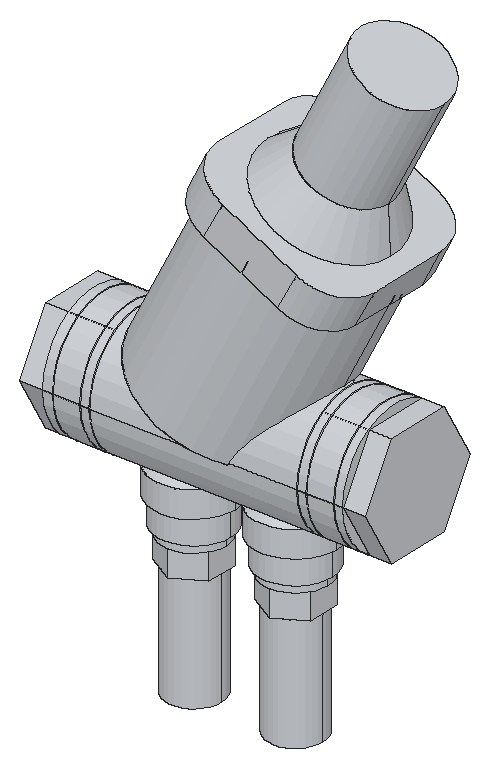
Revit family "Sigma_Compact_DN015_LF_RFA_2018", category Pipe Accessories, Revit 2018
Family settings
  Round Connector Dimension = Use Diameter
  Part Type = Valve - Breaks Into
  Work Plane-Based = No
  Always vertical = Yes
  Cut with Voids When Loaded = No
  Shared = No
Parameters (values of type "Sigma Compact DN 15 LF s měřením")
  magiProductId = "4a904ca02dcd4d4b8bc93e9b7121ab"
  magiProductFamilyId = "899bca4e67ce4698b7af5040674aaa"
  magiPartTypeId = 304
  isMeasuringValve [instance] = no
  ang2D [instance] = 0.00°
  Z6 = 26.1 mm
  Z5 = 60.9 mm
  Z4 = 52.2 mm
  Z3 = 8.7 mm
  Z2 = 43.5 mm
  XR2 = 25 mm
  XR1 = 13 mm
  W2D = 15 mm
  VersionID = "2.0/2018.12.13.2/FRESE_SIGMA_PLUG_Q13_001"
  Use Minimum Symbol Size [instance] = no
  URL = "www.hydronic.cz"
  Type Comments = "závitový; vnitřní závit; PN25; max dp=400kPa; -10~+120°C; max uzavírací tlak 1MPa"
  R4 = 15 mm
  R3 = 10 mm
  R2 = 14 mm
  R1 = 19 mm
  QmdConnectorList = "301;D;302;D"
  Productdata [instance] = ""
  NL__ve = -NL  # -15 mm
  NL = 15 mm
  Manufacturer = "Hydronic Systems Prague s.r.o."
  MC Use Limits From Balancing Method = no
  MC Throttling Minimum Value = 0
  MC Throttling Maximum Value = 0
  MC Product Code = "53-2200 DN15 FF s měřením; (40-900 l/h); kvs=2,6"
  MC Pressure Drop Minimum Value = 0.0 Pa
  MC Pressure Drop Maximum Value = 0.0 Pa
  MC Piping Given Pressure Drop [instance] = 0.0 Pa
  M5 = 32.5 mm
  M4 = 30.5 mm
  M3 = 24.5 mm
  M2 = 22.5 mm
  LP = 37.5 mm
  LM = 45 mm
  LL__ve = -LL  # -5.7 mm
  LLT__ve = -LLT  # -14.9 mm
  LLT = 14.9 mm
  LLL = 11 mm
  LL3 = 41 mm
  LL2 = 32 mm
  LL = 5.7 mm
  L3 = 11 mm
  L2D_Min = 30.48 mm
  L2D = 65 mm
  Description = "Automatický vyvažovací ventil"
  DR1 = no
  DR0 = yes
  DL2 = 66 mm
  D = 15 mm
  CenSd_R2_6 = R2 * cos(30.00°)  # 12.124 mm
  CAT0 = yes
  C0D1 = no
  C0D0 = yes
Types (3, lengths in mm): name | magiProductId | Z6 | Z5 | Z4 | Z3 | Z2 | R2 | NL__ve | NL | MC Product Code | M5 | M4 | M3 | M2 | LP | LM | LL__ve | LLT__ve | LLT | LLL | LL2 | LL | D | CenSd_R2_6
  Sigma Compact DN 15 LF s měřením | "4a904ca02dcd4d4b8bc93e9b7121ab" | 26.1 | 60.9 | 52.2 | 8.7 | 43.5 | 14 | -15 | 15 | "53-2200 DN15 FF s měřením; (40-900 l/h); kvs=2,6" | 32.5 | 30.5 | 24.5 | 22.5 | 37.5 | 45 | -5.7 | -14.9 | 14.9 | 11 | 32 | 5.7 | 15 | 12.124
  Sigma Compact DN 20 LF s měřením | "530dd69e715c4b5ea08f3ea7c41338" | 26.1 | 60.9 | 52.2 | 8.7 | 43.5 | 14 | -15.8 | 15.8 | "53-2202 DN20 FF s měřením; (86-1550 l/h); kvs=4,0" | 33.7 | 31.7 | 25.7 | 23.7 | 39.5 | 47.4 | -5.7 | -14.9 | 14.9 | 11 | 32 | 5.7 | 20 | 12.124
  Sigma Compact DN 25 LF s měřením | "bcbd50229c6f49259ed1f55c66b3ed" | 27 | 63 | 54 | 9 | 45 | 18 | -16.6 | 16.6 | "53-2208 DN25 FF s měřením; (95-2000 l/h); kvs=3,9" | 34.9 | 32.9 | 26.9 | 24.9 | 41.5 | 49.8 | -5.9 | -16.3 | 16.3 | 9 | 34 | 5.9 | 25 | 15.588
Reference planes
  plane 1 "Center (Front/Back)": y = 0
  plane 2 "XYPLANE": z = 0
  plane 3 "Center (Left/Right)": x = 0
  plane 4 "408": x = 37.5
  plane 5 "407": x = -37.5
  plane 6 "404": z = -35.3
  plane 7 "403": z = -41
  plane 8 "402": z = -66
  plane 9 "213": x = -11
  plane 10 "168": z = -10.9
  plane 11 "167": z = -12.9
  plane 12 "166": z = -18.6
  plane 13 "165": z = -24.3
  plane 14 "164": z = -26.3
  plane 15 "154": z = 0
  plane 16 "152": y = 0
  plane 17 "151": z = -32
  plane 18 "150": x = 11
  plane 19 "75": through (318.218, 0, 679.605) normal (0.891, 0, -0.454)
  plane 20 "74": x = 32.5
  plane 21 "73": x = 30.5
  plane 22 "72": x = 24.5
  plane 23 "71": x = 22.5
  plane 24 "70": x = -32.5
  plane 25 "69": x = -30.5
  plane 26 "68": x = -24.5
  plane 27 "67": y = 0
  plane 28 "66": through (-666.893, 0, 343.166) normal (0.454, 0, 0.891)
  plane 29 "65": x = -22.5
  plane 30 "64": through (335.147, 0, 670.979) normal (0.891, 0, -0.454)
  plane 31 "63": through (-648.506, 0, 379.252) normal (0.454, 0, 0.891)
  plane 32 "62": through (352.076, 0, 662.353) normal (0.891, 0, -0.454)
  plane 33 "61": y = 19
  plane 34 "60": y = -19
  plane 35 "59": through (-644.557, 0, 387.003) normal (0.454, 0, 0.891)
  plane 36 "58": through (-640.607, 0, 394.755) normal (0.454, 0, 0.891)
  plane 37 "56": x = 0
  plane 38 "55": through (-668.255, 0, 340.493) normal (0.454, 0, 0.891)
  plane 39 "102XY": through (-668.255, 0, 340.493) normal (0.454, 0, 0.891)
  plane 40 "102XZ": y = 0
  plane 41 "102YZ": through (340.493, 0, 668.255) normal (0.891, 0, -0.454)
Forms (mm)
  Extrusion 1, solid
    sketch origin (37.5, -750, 0) x (0, 1, 0) y (0, 0, 1)
      loop
        line (764, 0) -> (757, 12.124) -> (743, 12.124) -> (736, 0) -> (743, -12.124) -> (757, -12.124) -> (764, 0)
    from 0 to -15 <- "NL__ve"
  Extrusion 2, solid
    sketch origin (-37.5, -750, 0) x (0, 1, 0) y (0, 0, 1)
      loop
        line (736, 0) -> (743, -12.124) -> (757, -12.124) -> (764, 0) -> (757, 12.124) -> (743, 12.124) -> (736, 0)
    from 0 to 15 <- "NL"
  Extrusion 3, solid, visible <- "C0D1"
    sketch origin (-750, 0, -66) x (1, 0, 0) y (0, 1, 0)
      loop
        circle (739, 0) r 7
    from 0 to 50
  Extrusion 4, solid, visible <- "DR1"
    sketch origin (-750, 0, -35.3) x (1, 0, 0) y (0, 1, 0)
      loop
        line (739, -8) -> (745.928, -4) -> (745.928, 4) -> (739, 8) -> (732.072, 4) -> (732.072, -4) -> (739, -8)
    from 0 to -5.7 <- "LL__ve"
  Extrusion 5, solid, visible <- "DR1"
    sketch origin (-750, 0, -35.3) x (1, 0, 0) y (0, 1, 0)
      loop
        circle (739, 0) r 8
    from 0 to 11 <- "LLL"
  Extrusion 6, solid, visible <- "DR1"
    sketch origin (-750, 0, -24.3) x (1, 0, 0) y (0, 1, 0)
      loop
        circle (739, 0) r 9
    from 0 to 5.7 <- "LL"
  Extrusion 7, solid, visible <- "DR1"
    sketch origin (-750, 0, -18.6) x (1, 0, 0) y (0, 1, 0)
      loop
        circle (739, 0) r 10
    from 0 to 5.7 <- "LL"
  Blend 8, solid, visible <- "DR1"
    base sketch origin (-750, 0, -10.9) x (1, 0, 0) y (0, 1, 0)
      loop
        circle (739, 0) r 7.5
    top sketch origin (-750, 0, -10.9) x (1, 0, 0) y (0, 1, 0)
      loop
        circle (739, 0) r 10
    from 0 to -2
  Extrusion 9, solid, visible <- "DR1"
    sketch origin (-750, 0, 0) x (1, 0, 0) y (0, 1, 0)
      loop
        circle (739, 0) r 7.5
    from 0 to -14.9 <- "LLT__ve"
  Extrusion 10, solid, visible <- "C0D0"
    sketch origin (-750, 0, -32) x (1, 0, 0) y (0, 1, 0)
      loop
        circle (739, 0) r 6
    from 0 to -25
  Extrusion 11, solid, visible <- "DR0"
    sketch origin (-750, 0, -26.3) x (1, 0, 0) y (0, 1, 0)
      loop
        line (739, -7) -> (745.062, -3.5) -> (745.062, 3.5) -> (739, 7) -> (732.938, 3.5) -> (732.938, -3.5) -> (739, -7)
    from 0 to -5.7 <- "LL__ve"
  Extrusion 12, solid, visible <- "DR0"
    sketch origin (-750, 0, -26.3) x (1, 0, 0) y (0, 1, 0)
      loop
        circle (739, 0) r 7
    from 0 to 2
  Extrusion 13, solid, visible <- "DR0"
    sketch origin (-750, 0, -18.6) x (1, 0, 0) y (0, 1, 0)
      loop
        circle (739, 0) r 9
    from 0 to 5.7 <- "LL"
  Blend 14, solid, visible <- "DR0"
    base sketch origin (-750, 0, -10.9) x (1, 0, 0) y (0, 1, 0)
      loop
        circle (739, 0) r 6.5
    top sketch origin (-750, 0, -10.9) x (1, 0, 0) y (0, 1, 0)
      loop
        circle (739, 0) r 9
    from 0 to -2
  Extrusion 15, solid, visible <- "DR0"
    sketch origin (-750, 0, 0) x (1, 0, 0) y (0, 1, 0)
      loop
        circle (739, 0) r 6.5
    from 0 to -14.9 <- "LLT__ve"
  Extrusion 16, solid, visible <- "DR0"
    sketch origin (-750, 0, 0) x (1, 0, 0) y (0, 1, 0)
      loop
        circle (739, 0) r 6.5
    from 0 to -14.9 <- "LLT__ve"
  Blend 17, solid, visible <- "DR0"
    base sketch origin (-750, 0, -10.9) x (1, 0, 0) y (0, 1, 0)
      loop
        circle (739, 0) r 6.5
    top sketch origin (-750, 0, -10.9) x (1, 0, 0) y (0, 1, 0)
      loop
        circle (739, 0) r 9
    from 0 to -2
  Extrusion 18, solid, visible <- "DR0"
    sketch origin (-750, 0, -18.6) x (1, 0, 0) y (0, 1, 0)
      loop
        circle (739, 0) r 9
    from 0 to 5.7 <- "LL"
  Extrusion 19, solid, visible <- "DR0"
    sketch origin (-750, 0, -24.3) x (1, 0, 0) y (0, 1, 0)
      loop
        circle (739, 0) r 8
    from 0 to 5.7 <- "LL"
  Extrusion 20, solid, visible <- "DR0"
    sketch origin (-750, 0, -26.3) x (1, 0, 0) y (0, 1, 0)
      loop
        circle (739, 0) r 7
    from 0 to 2
  Extrusion 21, solid, visible <- "DR0"
    sketch origin (-750, 0, -26.3) x (1, 0, 0) y (0, 1, 0)
      loop
        line (739, -7) -> (745.062, -3.5) -> (745.062, 3.5) -> (739, 7) -> (732.938, 3.5) -> (732.938, -3.5) -> (739, -7)
    from 0 to -5.7 <- "LL__ve"
  Extrusion 22, solid, visible <- "C0D0"
    sketch origin (-750, 0, -32) x (1, 0, 0) y (0, 1, 0)
      loop
        circle (739, 0) r 6
    from 0 to -25
  Extrusion 23, solid, visible <- "CAT0"
    sketch origin (-750, 0, -32) x (1, 0, 0) y (0, 1, 0)
      loop
        circle (761, 0) r 6
    from 0 to -25
  Extrusion 24, solid
    sketch origin (-750, 0, -26.3) x (1, 0, 0) y (0, 1, 0)
      loop
        line (761, -7) -> (767.062, -3.5) -> (767.062, 3.5) -> (761, 7) -> (754.938, 3.5) -> (754.938, -3.5) -> (761, -7)
    from 0 to -5.7 <- "LL__ve"
  Extrusion 25, solid
    sketch origin (-750, 0, -26.3) x (1, 0, 0) y (0, 1, 0)
      loop
        circle (761, 0) r 7
    from 0 to 2
  Extrusion 26, solid
    sketch origin (-750, 0, -24.3) x (1, 0, 0) y (0, 1, 0)
      loop
        circle (761, 0) r 8
    from 0 to 5.7 <- "LL"
  Extrusion 27, solid
    sketch origin (-750, 0, -18.6) x (1, 0, 0) y (0, 1, 0)
      loop
        circle (761, 0) r 9
    from 0 to 5.7 <- "LL"
  Blend 28, solid
    base sketch origin (-750, 0, -10.9) x (1, 0, 0) y (0, 1, 0)
      loop
        circle (761, 0) r 6.5
    top sketch origin (-750, 0, -10.9) x (1, 0, 0) y (0, 1, 0)
      loop
        circle (761, 0) r 9
    from 0 to -2
  Extrusion 29, solid
    sketch origin (-750, 0, 0) x (1, 0, 0) y (0, 1, 0)
      loop
        circle (761, 0) r 6.5
    from 0 to -14.9 <- "LLT__ve"
  Blend 30, solid, visible <- "CAT0"
    base sketch origin (30.5, -750, 0) x (0, 1, 0) y (0, 0, 1)
      loop
        circle (750, 0) r 14
    top sketch origin (30.5, -750, 0) x (0, 1, 0) y (0, 0, 1)
      loop
        circle (750, 0) r 14
    from 0 to 2
  Extrusion 31, solid, visible <- "CAT0"
    sketch origin (24.5, -750, 0) x (0, 1, 0) y (0, 0, 1)
      loop
        circle (750, 0) r 14
    from 0 to 6
  Blend 32, solid, visible <- "CAT0"
    base sketch origin (22.5, -750, 0) x (0, 1, 0) y (0, 0, 1)
      loop
        circle (750, 0) r 14
    top sketch origin (22.5, -750, 0) x (0, 1, 0) y (0, 0, 1)
      loop
        circle (750, 0) r 14
    from 0 to 2
  Blend 33, solid, visible <- "CAT0"
    base sketch origin (-30.5, -750, 0) x (0, 1, 0) y (0, 0, 1)
      loop
        circle (750, 0) r 14
    top sketch origin (-30.5, -750, 0) x (0, 1, 0) y (0, 0, 1)
      loop
        circle (750, 0) r 14
    from 0 to -2
  Extrusion 34, solid, visible <- "CAT0"
    sketch origin (-30.5, -750, 0) x (0, 1, 0) y (0, 0, 1)
      loop
        circle (750, 0) r 14
    from 0 to 6
  Blend 35, solid, visible <- "CAT0"
    base sketch origin (-24.5, -750, 0) x (0, 1, 0) y (0, 0, 1)
      loop
        circle (750, 0) r 14
    top sketch origin (-24.5, -750, 0) x (0, 1, 0) y (0, 0, 1)
      loop
        circle (750, 0) r 14
    from 0 to 2
  Extrusion 36, solid, visible <- "CAT0"
    sketch origin (-22.5, -750, 0) x (0, 1, 0) y (0, 0, 1)
      loop
        circle (750, 0) r 14
    from 0 to 45 <- "LM"
  Extrusion 37, solid, visible <- "CAT0"
    sketch origin (-666.893, 0, 343.166) x (0.891007, 0, -0.45399) y (0, 1, 0)
      loop
        circle (744, 0) r 19
    from 0 to 43.5 <- "Z2"
  Extrusion 38, solid, visible <- "CAT0"
    sketch origin (-648.506, 0, 379.252) x (0.891007, 0, -0.45399) y (0, 1, 0)
      loop
        arc (735, 19) -> (727.929, 16.071) -> (725, 9) r 10
        line (725, 9) -> (725, -9)
        arc (725, -9) -> (727.929, -16.071) -> (735, -19) r 10
        line (735, -19) -> (753, -19)
        arc (753, -19) -> (760.071, -16.071) -> (763, -9) r 10
        line (763, -9) -> (763, 9)
        arc (763, 9) -> (760.071, 16.071) -> (753, 19) r 10
        line (753, 19) -> (735, 19)
    from 0 to 8.7 <- "Z3"
  Blend 39, solid, visible <- "CAT0"
    base sketch origin (-644.557, 0, 387.003) x (0.891007, 0, -0.45399) y (0, 1, 0)
      loop
        circle (744, 0) r 15
    top sketch origin (-644.557, 0, 387.003) x (0.891007, 0, -0.45399) y (0, 1, 0)
      loop
        circle (744, 0) r 10
    from 0 to 8.7
  Extrusion 40, solid, visible <- "CAT0"
    sketch origin (-640.607, 0, 394.755) x (0.891007, 0, -0.45399) y (0, 1, 0)
      loop
        circle (744, 0) r 10
    from 0 to 26.1 <- "Z6"
  Blend 41, solid, visible <- "CAT0"
    base sketch origin (-668.255, 0, 340.493) x (0.891007, 0, -0.45399) y (0, 1, 0)
      loop
        circle (744, 0) r 15
    top sketch origin (-668.255, 0, 340.493) x (0.891007, 0, -0.45399) y (0, 1, 0)
      loop
        circle (744, 0) r 19
    from 0 to 3
  Extrusion 42, solid, not visible
    sketch origin (-32.5, -750, 0) x (0, 1, 0) y (0, 0, 1)
      loop
        circle (750, 0) r 10
    from 0 to 10
  Extrusion 43, solid, not visible
    sketch origin (32.5, -750, 0) x (0, 1, 0) y (0, 0, 1)
      loop
        circle (750, 0) r 10
    from 0 to -10
Lines and regions (mm)
  reference lines, not visible
    curve 1: circle (2, 2, 0) r 1 normal (0, 0, 1)
  reference lines
    curve 2: line (37.5, 0, 0) -> (37.5, -3.5, 6.062)
    curve 3: line (37.5, 0, 0) -> (37.5, -7, 0)
    curve 4: line (37.5, 0, 0) -> (37.5, -3.5, -6.062)
    curve 5: line (-37.5, 0, 0) -> (-37.5, 3.5, 6.062)
    curve 6: line (-37.5, 0, 0) -> (-37.5, 7, 0)
    curve 7: line (-37.5, 0, 0) -> (-37.5, 3.5, -6.062)
Dimensions and locks
  plane 1 "Center (Front/Back)" to curve 1 = 2 mm
  "LP": plane 37 "56" to plane 4 "408"
  "LP": plane 37 "56" to plane 5 "407"
  "LL": plane 7 "403" to plane 6 "404"
  "LL3": plane 2 "XYPLANE" to plane 7 "403"
  "DL2": plane 2 "XYPLANE" to plane 8 "402"
  "L3": plane 3 "Center (Left/Right)" to plane 9 "213"
  locked: plane 11 "167" to plane 10 "168" at 2
  "LL": plane 12 "166" to plane 11 "167"
  "LL": plane 13 "165" to plane 12 "166"
  locked: plane 14 "164" to plane 13 "165" at 2
  "LL": plane 17 "151" to plane 14 "164"
  locked: plane 2 "XYPLANE" to plane 15 "154"
  locked: plane 1 "Center (Front/Back)" to plane 16 "152"
  "LL2": plane 2 "XYPLANE" to plane 17 "151"
  "L3": plane 3 "Center (Left/Right)" to plane 18 "150"
  "XR2": plane 41 "102YZ" to plane 19 "75"
  "M5": plane 3 "Center (Left/Right)" to plane 20 "74"
  "M4": plane 3 "Center (Left/Right)" to plane 21 "73"
  "M3": plane 3 "Center (Left/Right)" to plane 22 "72"
  "M2": plane 3 "Center (Left/Right)" to plane 23 "71"
  "M5": plane 3 "Center (Left/Right)" to plane 24 "70"
  "M4": plane 3 "Center (Left/Right)" to plane 25 "69"
  "M3": plane 3 "Center (Left/Right)" to plane 26 "68"
  locked: plane 16 "152" to plane 27 "67"
  locked: plane 39 "102XY" to plane 28 "66" at 3
  "M2": plane 3 "Center (Left/Right)" to plane 29 "65"
  locked: plane 41 "102YZ" to plane 30 "64" at 6
  "Z2": plane 39 "102XY" to plane 31 "63"
  "XR1": plane 41 "102YZ" to plane 32 "62"
  "R1": plane 16 "152" to plane 33 "61"
  "R1": plane 16 "152" to plane 34 "60"
  "Z4": plane 39 "102XY" to plane 35 "59"
  "Z5": plane 39 "102XY" to plane 36 "58"
  locked: plane 3 "Center (Left/Right)" to plane 37 "56"
  locked: plane 39 "102XY" to plane 38 "55"
  "CenSd_R2_6": curve 2 to Extrusion 1 sketch curve  (x2)
  "CenSd_R2_6": curve 3 to Extrusion 1 sketch curve  (x2)
  "CenSd_R2_6": curve 4 to Extrusion 1 sketch curve  (x2)
  Extrusion 1 sketch curve to Extrusion 1 sketch curve = 0 mm  (x12)
  "CenSd_R2_6": curve 5 to Extrusion 2 sketch curve  (x2)
  "CenSd_R2_6": curve 6 to Extrusion 2 sketch curve  (x2)
  "CenSd_R2_6": curve 7 to Extrusion 2 sketch curve  (x2)
  Extrusion 2 sketch curve to Extrusion 2 sketch curve = 0 mm  (x12)
  Extrusion 4 sketch curve to Extrusion 4 sketch curve = 0 mm  (x12)
  Extrusion 11 sketch curve to Extrusion 11 sketch curve = 0 mm  (x12)
  Extrusion 21 sketch curve to Extrusion 21 sketch curve = 0 mm  (x12)
  Extrusion 24 sketch curve to Extrusion 24 sketch curve = 0 mm  (x12)
  Extrusion 38 sketch curve to Extrusion 38 sketch curve = 0 mm  (x16)
  "R2": radius of Blend 30 sketch curve  (x2)
  "R2": radius of Extrusion 31 sketch curve
  "R2": radius of Blend 32 sketch curve  (x2)
  "R2": radius of Blend 33 sketch curve  (x2)
  "R2": radius of Extrusion 34 sketch curve
  "R2": radius of Blend 35 sketch curve  (x2)
  "R2": radius of Extrusion 36 sketch curve
  "R1": radius of Extrusion 37 sketch curve
  radius of Extrusion 38 sketch curve = 10 mm  (x4)
  "R3": radius of Blend 39 sketch curve
  "R4": radius of Blend 39 sketch curve
  "R3": radius of Extrusion 40 sketch curve
  "R1": radius of Blend 41 sketch curve
  locked: curve 3 to curve 2 (angle 60.00°)
  locked: curve 4 to curve 3 (angle 60.00°)
  locked: curve 4 to curve 2 (angle 120.00°)
  locked: curve 6 to curve 5 (angle 60.00°)
  locked: curve 7 to curve 6 (angle 60.00°)
  locked: curve 7 to curve 5 (angle 120.00°)
  aligned and locked: level to plane 2 "XYPLANE"
  aligned and locked: plane 15 "154" to curve 4
  aligned and locked: curve 4 to plane 16 "152"
  aligned and locked: plane 15 "154" to curve 7
  aligned and locked: curve 7 to plane 16 "152"
  aligned and locked: plane 9 "213" to Extrusion 3 sketch curve
  aligned and locked: plane 16 "152" to Extrusion 3 sketch curve
  aligned and locked: plane 9 "213" to Extrusion 5 sketch curve
  aligned and locked: plane 16 "152" to Extrusion 5 sketch curve
  aligned and locked: plane 9 "213" to Extrusion 6 sketch curve
  aligned and locked: plane 16 "152" to Extrusion 6 sketch curve
  aligned and locked: plane 9 "213" to Extrusion 7 sketch curve
  aligned and locked: plane 16 "152" to Extrusion 7 sketch curve
  aligned and locked: plane 9 "213" to Blend 8 sketch curve  (x2)
  aligned and locked: plane 16 "152" to Blend 8 sketch curve  (x2)
  aligned and locked: Blend 8 to plane 11 "167"
  aligned and locked: plane 9 "213" to Extrusion 9 sketch curve
  aligned and locked: plane 16 "152" to Extrusion 9 sketch curve
  aligned and locked: plane 9 "213" to Extrusion 10 sketch curve
  aligned and locked: plane 16 "152" to Extrusion 10 sketch curve
  aligned and locked: plane 9 "213" to Extrusion 12 sketch curve
  aligned and locked: plane 16 "152" to Extrusion 12 sketch curve
  aligned and locked: plane 9 "213" to Extrusion 13 sketch curve
  aligned and locked: plane 16 "152" to Extrusion 13 sketch curve
  aligned and locked: plane 9 "213" to Blend 14 sketch curve  (x2)
  aligned and locked: plane 16 "152" to Blend 14 sketch curve  (x2)
  aligned and locked: Blend 14 to plane 11 "167"
  aligned and locked: plane 9 "213" to Extrusion 15 sketch curve
  aligned and locked: plane 16 "152" to Extrusion 15 sketch curve
  aligned and locked: plane 9 "213" to Extrusion 16 sketch curve
  aligned and locked: plane 16 "152" to Extrusion 16 sketch curve
  aligned and locked: plane 9 "213" to Blend 17 sketch curve  (x2)
  aligned and locked: plane 16 "152" to Blend 17 sketch curve  (x2)
  aligned and locked: Blend 17 to plane 11 "167"
  aligned and locked: plane 9 "213" to Extrusion 18 sketch curve
  aligned and locked: plane 16 "152" to Extrusion 18 sketch curve
  aligned and locked: plane 9 "213" to Extrusion 19 sketch curve
  aligned and locked: plane 16 "152" to Extrusion 19 sketch curve
  aligned and locked: plane 9 "213" to Extrusion 20 sketch curve
  aligned and locked: plane 16 "152" to Extrusion 20 sketch curve
  aligned and locked: plane 9 "213" to Extrusion 22 sketch curve
  aligned and locked: plane 16 "152" to Extrusion 22 sketch curve
  aligned and locked: plane 16 "152" to Extrusion 23 sketch curve
  aligned and locked: plane 18 "150" to Extrusion 23 sketch curve
  aligned and locked: plane 16 "152" to Extrusion 25 sketch curve
  aligned and locked: plane 18 "150" to Extrusion 25 sketch curve
  aligned and locked: plane 16 "152" to Extrusion 26 sketch curve
  aligned and locked: plane 18 "150" to Extrusion 26 sketch curve
  aligned and locked: plane 16 "152" to Extrusion 27 sketch curve
  aligned and locked: plane 18 "150" to Extrusion 27 sketch curve
  aligned and locked: plane 16 "152" to Blend 28 sketch curve  (x2)
  aligned and locked: plane 18 "150" to Blend 28 sketch curve  (x2)
  aligned and locked: Blend 28 to plane 11 "167"
  aligned and locked: plane 16 "152" to Extrusion 29 sketch curve
  aligned and locked: plane 18 "150" to Extrusion 29 sketch curve
  aligned and locked: plane 15 "154" to Blend 30 sketch curve  (x2)
  aligned and locked: Blend 30 sketch curve to plane 16 "152"  (x2)
  aligned and locked: plane 20 "74" to Blend 30
  aligned and locked: plane 15 "154" to Extrusion 31 sketch curve
  aligned and locked: Extrusion 31 sketch curve to plane 16 "152"
  aligned and locked: plane 15 "154" to Blend 32 sketch curve  (x2)
  aligned and locked: Blend 32 sketch curve to plane 16 "152"  (x2)
  aligned and locked: plane 22 "72" to Blend 32
  aligned and locked: plane 15 "154" to Blend 33 sketch curve  (x2)
  aligned and locked: Blend 33 sketch curve to plane 16 "152"  (x2)
  aligned and locked: Blend 33 to plane 24 "70"
  aligned and locked: plane 15 "154" to Extrusion 34 sketch curve
  aligned and locked: Extrusion 34 sketch curve to plane 16 "152"
  aligned and locked: plane 15 "154" to Blend 35 sketch curve  (x2)
  aligned and locked: Blend 35 sketch curve to plane 16 "152"  (x2)
  aligned and locked: plane 29 "65" to Blend 35
  aligned and locked: plane 15 "154" to Extrusion 36 sketch curve
  aligned and locked: Extrusion 36 sketch curve to plane 16 "152"
  aligned and locked: plane 27 "67" to Extrusion 37 sketch curve
  aligned and locked: Extrusion 37 sketch curve to plane 30 "64"
  aligned and locked: Extrusion 38 sketch curve to plane 19 "75"
  aligned and locked: Extrusion 38 sketch curve to plane 34 "60"
  aligned and locked: Extrusion 38 sketch curve to plane 32 "62"
  aligned and locked: plane 33 "61" to Extrusion 38 sketch curve
  aligned and locked: plane 27 "67" to Blend 39 sketch curve  (x2)
  aligned and locked: Blend 39 sketch curve to plane 30 "64"  (x2)
  aligned and locked: plane 36 "58" to Blend 39
  aligned and locked: plane 27 "67" to Extrusion 40 sketch curve
  aligned and locked: Extrusion 40 sketch curve to plane 30 "64"
  aligned and locked: plane 27 "67" to Blend 41 sketch curve  (x2)
  aligned and locked: Blend 41 sketch curve to plane 30 "64"  (x2)
  aligned and locked: plane 28 "66" to Blend 41
  aligned and locked: plane 15 "154" to Extrusion 42 sketch curve
  aligned and locked: Extrusion 42 sketch curve to plane 16 "152"
  aligned and locked: plane 15 "154" to Extrusion 43 sketch curve
  aligned and locked: Extrusion 43 sketch curve to plane 16 "152"
Automatic sketch dimensions
  plane 29 "65" to Extrusion 3 sketch curve = 4.5 mm
  Extrusion 4 sketch curve to plane 9 "213" = 0 mm  (x2)
  plane 29 "65" to Extrusion 4 sketch curve = 4.572 mm
  Extrusion 4 sketch curve to plane 3 "Center (Left/Right)" = 4.072 mm
  plane 1 "Center (Front/Back)" to Extrusion 4 sketch curve = 8 mm
  plane 1 "Center (Front/Back)" to Extrusion 4 sketch curve = 4 mm  (x2)
  Extrusion 4 sketch curve to plane 1 "Center (Front/Back)" = 4 mm  (x2)
  Extrusion 4 sketch curve to Extrusion 4 sketch curve = 4 mm
  plane 29 "65" to Extrusion 5 sketch curve = 3.5 mm
  plane 29 "65" to Extrusion 6 sketch curve = 2.5 mm
  plane 29 "65" to Extrusion 7 sketch curve = 1.5 mm
  plane 29 "65" to Blend 8 sketch curve = 4 mm
  plane 29 "65" to Blend 8 sketch curve = 1.5 mm
  plane 29 "65" to Extrusion 9 sketch curve = 4 mm
  plane 29 "65" to Extrusion 10 sketch curve = 5.5 mm
  Extrusion 11 sketch curve to plane 9 "213" = 0 mm  (x2)
  plane 29 "65" to Extrusion 11 sketch curve = 5.438 mm
  Extrusion 11 sketch curve to plane 3 "Center (Left/Right)" = 4.938 mm
  plane 1 "Center (Front/Back)" to Extrusion 11 sketch curve = 7 mm
  plane 1 "Center (Front/Back)" to Extrusion 11 sketch curve = 3.5 mm  (x2)
  Extrusion 11 sketch curve to plane 1 "Center (Front/Back)" = 3.5 mm  (x2)
  Extrusion 11 sketch curve to Extrusion 11 sketch curve = 3.5 mm
  plane 29 "65" to Extrusion 12 sketch curve = 4.5 mm
  plane 29 "65" to Extrusion 13 sketch curve = 2.5 mm
  plane 29 "65" to Blend 14 sketch curve = 5 mm
  plane 29 "65" to Blend 14 sketch curve = 2.5 mm
  plane 29 "65" to Extrusion 15 sketch curve = 5 mm
  plane 29 "65" to Extrusion 16 sketch curve = 5 mm
  plane 29 "65" to Blend 17 sketch curve = 5 mm
  plane 29 "65" to Blend 17 sketch curve = 2.5 mm
  plane 29 "65" to Extrusion 18 sketch curve = 2.5 mm
  plane 29 "65" to Extrusion 19 sketch curve = 3.5 mm
  plane 29 "65" to Extrusion 20 sketch curve = 4.5 mm
  Extrusion 21 sketch curve to plane 9 "213" = 0 mm  (x2)
  plane 29 "65" to Extrusion 21 sketch curve = 5.438 mm
  Extrusion 21 sketch curve to plane 3 "Center (Left/Right)" = 4.938 mm
  plane 1 "Center (Front/Back)" to Extrusion 21 sketch curve = 7 mm
  plane 1 "Center (Front/Back)" to Extrusion 21 sketch curve = 3.5 mm  (x2)
  Extrusion 21 sketch curve to plane 1 "Center (Front/Back)" = 3.5 mm  (x2)
  Extrusion 21 sketch curve to Extrusion 21 sketch curve = 3.5 mm
  plane 29 "65" to Extrusion 22 sketch curve = 5.5 mm
  plane 3 "Center (Left/Right)" to Extrusion 23 sketch curve = 5 mm
  Extrusion 24 sketch curve to plane 18 "150" = 0 mm  (x2)
  plane 3 "Center (Left/Right)" to Extrusion 24 sketch curve = 4.938 mm
  Extrusion 24 sketch curve to plane 23 "71" = 5.438 mm
  plane 1 "Center (Front/Back)" to Extrusion 24 sketch curve = 7 mm
  plane 1 "Center (Front/Back)" to Extrusion 24 sketch curve = 3.5 mm  (x2)
  Extrusion 24 sketch curve to plane 1 "Center (Front/Back)" = 3.5 mm  (x2)
  Extrusion 24 sketch curve to Extrusion 24 sketch curve = 3.5 mm
  plane 3 "Center (Left/Right)" to Extrusion 25 sketch curve = 4 mm
  plane 3 "Center (Left/Right)" to Extrusion 26 sketch curve = 3 mm
  plane 3 "Center (Left/Right)" to Extrusion 27 sketch curve = 2 mm
  plane 3 "Center (Left/Right)" to Blend 28 sketch curve = 4.5 mm
  plane 3 "Center (Left/Right)" to Blend 28 sketch curve = 2 mm
  plane 3 "Center (Left/Right)" to Extrusion 29 sketch curve = 4.5 mm
  plane 19 "75" to Blend 41 sketch curve = 4 mm
  plane 34 "60" to Extrusion 42 sketch curve = 9 mm
  plane 34 "60" to Extrusion 43 sketch curve = 9 mm
  plane 3 "Center (Left/Right)" to curve 1 = 2 mm
  radius of curve 1 = 1 mm
Connectors
  piping at (-32.5, 0, 0), diameter 15, driven by "D"
    settings: on Extrusion 42, index 1, connector inside diameter 609.6 mm, connector length 0 mm, flow factor 0, pipe flow 0.0 L/s, pressure drop 0.0 Pa, fitting loss kfactor 0, connector angle 0.00°, fixture units 0, engagement length 0 mm, angle of deflection 0.00°, flow configuration 0, flow direction 0, fitting loss method 0, system type 29, joint type 0, gender type 0, connector reference index 2, connector utility 0, adjustable connector no, is connector primary yes, connector description ""
  piping at (32.5, 0, 0), diameter 15, driven by "D"
    settings: on Extrusion 43, index 2, connector inside diameter 609.6 mm, connector length 0 mm, flow factor 0, pipe flow 0.0 L/s, pressure drop 0.0 Pa, fitting loss kfactor 0, connector angle 0.00°, fixture units 0, engagement length 0 mm, angle of deflection 0.00°, flow configuration 0, flow direction 0, fitting loss method 0, system type 29, joint type 0, gender type 0, connector reference index 1, connector utility 0, adjustable connector no, is connector primary no, connector description ""
